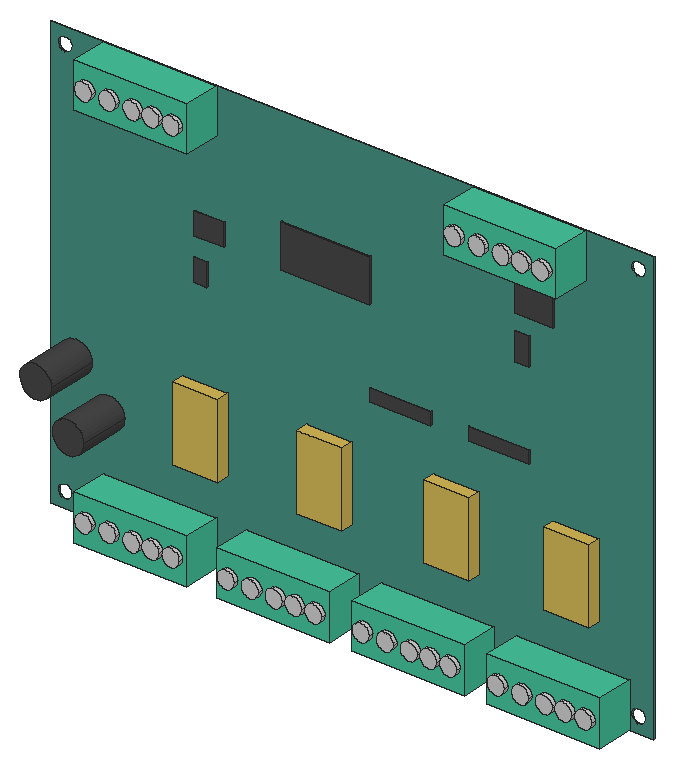
Revit family "TYCO-FPP-FireClass-FC410QRM QUAD RELAY MODULE", category Electrical Fixtures, Revit 2014
Parameters (values of type "TYCO-FPP-FireClass-FC410QRM QUAD RELAY MODULE")
  Width = 134 mm  # constant formula
  URL = "https://fireclass.co.uk/en/emea/Pages/ProductDetail.aspx?productdetail=Addressable+Modules"
  Type Comments = "The FC410QRM Quad Relay Module is designed to provide four\r\npotential free relay changeover outputs."
  Storage Temparature = "40 to +80 oC"
  ST = ST12
  RSS = res
  RS = RS
  PCB = PCB
  Operating Temperature = "-25 to +70 oC"
  Operating Humidity = "Up to 95 %"
  Model = "FireClass - 555.800.773"
  Manufacturer = "Tyco"
  Length = 96 mm  # constant formula
  Keynote = "The FC410QRM has an integral FireClass loop isolator"
  Description = "Quad Relay Module"
  Relay Contacts = "2A @ 30Vdc"
  Approvals = "EN54-17, EN54-18 and\r\nEN54-13"
Reference planes
  plane 1 "Center (Front/Back)": y = 0
  plane 2: z = 0
  plane 3 "Center (Left/Right)": x = 0
  plane 4: z = 48
  plane 5: z = -48
  plane 6: x = -67
  plane 7: x = 67
Forms (mm)
  Extrusion 1, solid, material "PCB" <- "PCB", detail levels fine
    sketch origin (0, 0, 0) x (1, 0, 0) y (0, 0, 1)
      loop
        line (-67, 48) -> (-67, -48) -> (67, -48) -> (67, 48) -> (-67, 48)
      loop
        circle (63.688, 44.524) r 1.524
      loop
        circle (63.688, -44.524) r 1.524
      loop
        circle (-63.688, 44.524) r 1.524
      loop
        circle (-63.688, -44.524) r 1.524
    from 0 to -0.202
  Extrusion 2, solid, material "ST12" <- "ST", detail levels fine
    sketch origin (0, 0, 0) x (1, 0, 0) y (0, 0, 1)
      loop
        circle (-54.105, -25.495) r 3.518
      loop
        circle (-61.311, -16.907) r 3.518
    from 0 to 11.235
  Extrusion 3, solid, material "RS" <- "RS", detail levels fine
    sketch origin (0, 0, 0) x (1, 0, 0) y (0, 0, 1)
      loop
        line (-37.627, -28.782) -> (-27.627, -28.782) -> (-27.627, -12.282) -> (-37.627, -12.282) -> (-37.627, -28.782)
      loop
        line (-10, -28.782) -> (0, -28.782) -> (0, -12.282) -> (-10, -12.282) -> (-10, -28.782)
      loop
        line (18.186, -28.782) -> (28.186, -28.782) -> (28.186, -12.282) -> (18.186, -12.282) -> (18.186, -28.782)
      loop
        line (44.729, -28.782) -> (54.729, -28.782) -> (54.729, -12.282) -> (44.729, -12.282) -> (44.729, -28.782)
    from 0 to 2.827
  Extrusion 4, solid, material "ST12" <- "ST", detail levels fine
    sketch origin (0, 0, 0) x (1, 0, 0) y (0, 0, 1)
      loop
        line (-34.99, 21.563) -> (-34.99, 16.563) -> (-28.417, 16.563) -> (-28.417, 21.563) -> (-34.99, 21.563)
      loop
        line (-15.625, 26.182) -> (-15.625, 16.563) -> (4.095, 16.563) -> (4.095, 26.182) -> (-15.625, 26.182)
      loop
        line (4.095, -2.777) -> (17.598, -2.777) -> (17.598, 0) -> (4.095, 0) -> (4.095, -2.777)
      loop
        line (25.948, -2.777) -> (39.45, -2.777) -> (39.45, 0) -> (25.948, 0) -> (25.948, -2.777)
      loop
        line (-34.99, 12.307) -> (-34.99, 7.307) -> (-32.066, 7.307) -> (-32.066, 12.307) -> (-34.99, 12.307)
      loop
        line (36.272, 33.568) -> (36.272, 26.182) -> (44.799, 26.182) -> (44.799, 33.568) -> (36.272, 33.568)
      loop
        line (36.272, 22.704) -> (36.272, 16.563) -> (39.45, 16.563) -> (39.45, 22.704) -> (36.272, 22.704)
    from 0 to 0.208
  Extrusion 5, solid, material "res" <- "RSS", detail levels fine
    sketch origin (0, 0, 0) x (1, 0, 0) y (0, 0, 1)
      loop
        line (-55.155, 48) -> (-55.155, 38) -> (-30.155, 38) -> (-30.155, 48) -> (-55.155, 48)
      loop
        line (26.905, 48) -> (26.905, 38) -> (51.905, 38) -> (51.905, 48) -> (26.905, 48)
      loop
        line (-55.155, -38) -> (-55.155, -48) -> (-30.155, -48) -> (-30.155, -38) -> (-55.155, -38)
      loop
        line (-23.452, -38) -> (-23.452, -48) -> (1.548, -48) -> (1.548, -38) -> (-23.452, -38)
      loop
        line (6.548, -38) -> (6.548, -48) -> (31.548, -48) -> (31.548, -38) -> (6.548, -38)
      loop
        line (36.548, -38) -> (36.548, -48) -> (61.548, -48) -> (61.548, -38) -> (36.548, -38)
    from 0 to 8.284
  Extrusion 6, solid, material "RSS(1)", detail levels fine
    sketch origin (0, -8.284, 0) x (1, 0, 0) y (0, 0, 1)
      loop
        circle (-52.483, -42.982) r 1.889
      loop
        circle (-47.109, -42.982) r 1.889
      loop
        circle (-41.796, -42.982) r 1.889
      loop
        circle (-37.494, -42.982) r 1.889
      loop
        circle (-33.047, -42.982) r 1.889
      loop
        circle (-20.78, -42.982) r 1.889
      loop
        circle (-15.407, -42.982) r 1.889
      loop
        circle (-10.094, -42.982) r 1.889
      loop
        circle (-5.792, -42.982) r 1.889
      loop
        circle (-1.345, -42.982) r 1.889
      loop
        circle (9.22, -42.982) r 1.889
      loop
        circle (14.593, -42.982) r 1.889
      loop
        circle (19.906, -42.982) r 1.889
      loop
        circle (24.208, -42.982) r 1.889
      loop
        circle (28.655, -42.982) r 1.889
      loop
        circle (39.22, -42.982) r 1.889
      loop
        circle (44.593, -42.982) r 1.889
      loop
        circle (49.906, -42.982) r 1.889
      loop
        circle (54.208, -42.982) r 1.889
      loop
        circle (58.655, -42.982) r 1.889
      loop
        circle (29.577, 43.018) r 1.889
      loop
        circle (34.95, 43.018) r 1.889
      loop
        circle (40.263, 43.018) r 1.889
      loop
        circle (44.566, 43.018) r 1.889
      loop
        circle (49.012, 43.018) r 1.889
      loop
        circle (-52.483, 43.018) r 1.889
      loop
        circle (-47.109, 43.018) r 1.889
      loop
        circle (-41.796, 43.018) r 1.889
      loop
        circle (-37.494, 43.018) r 1.889
      loop
        circle (-33.047, 43.018) r 1.889
    from 0 to 0.851
Lines and regions (mm)
  model lines, detail levels coarse+medium
    curve 1: line (-67, 0, 48) -> (67, 0, 48)
    curve 2: line (-67, 0, -48) -> (-67, 0, 48)
    curve 3: line (67, 0, -48) -> (-67, 0, -48)
    curve 4: line (67, 0, 48) -> (67, 0, -48)
Dimensions and locks
  equal spacing: plane 4, plane 2, plane 5
  "Length": plane 4 to plane 5
  equal spacing: plane 7, plane 3 "Center (Left/Right)", plane 6
  "Width": plane 7 to plane 6
  aligned and locked: level to plane 2
  aligned and locked: Extrusion 1 sketch curve to plane 4
  aligned and locked: plane 6 to Extrusion 1 sketch curve
  aligned and locked: Extrusion 1 sketch curve to plane 5
  aligned and locked: plane 7 to Extrusion 1 sketch curve
  aligned and locked: Extrusion 2 to plane 1 "Center (Front/Back)"
  aligned and locked: Extrusion 3 to plane 1 "Center (Front/Back)"
  aligned and locked: Extrusion 4 to plane 1 "Center (Front/Back)"
  aligned and locked: Extrusion 5 to plane 1 "Center (Front/Back)"
  aligned and locked: Extrusion 6 to Extrusion 5
  aligned and locked: curve 1 to plane 4
  aligned and locked: plane 7 to curve 4
  aligned and locked: curve 3 to plane 5
  aligned and locked: plane 6 to curve 2
Automatic sketch dimensions
  plane 6 to Extrusion 1 sketch curve = 3.312 mm  (x2)
  plane 7 to Extrusion 1 sketch curve = 3.312 mm  (x2)
  Extrusion 1 sketch curve to plane 5 = 3.476 mm  (x2)
  Extrusion 1 sketch curve to plane 4 = 3.476 mm  (x2)
  plane 6 to Extrusion 2 sketch curve = 5.689 mm
  Extrusion 2 sketch curve to Extrusion 2 sketch curve = 7.206 mm
  Extrusion 2 sketch curve to plane 5 = 22.505 mm
  Extrusion 2 sketch curve to Extrusion 2 sketch curve = 8.588 mm
  Extrusion 3 sketch curve to plane 3 "Center (Left/Right)" = 0 mm
  Extrusion 3 sketch curve to Extrusion 3 sketch curve = 10 mm  (x4)
  Extrusion 3 sketch curve to Extrusion 3 sketch curve = 17.627 mm
  plane 3 "Center (Left/Right)" to Extrusion 3 sketch curve = 18.186 mm
  Extrusion 3 sketch curve to Extrusion 3 sketch curve = 16.543 mm
  Extrusion 3 sketch curve to plane 5 = 19.218 mm  (x2)
  Extrusion 3 sketch curve to Extrusion 3 sketch curve = 0 mm  (x2)
  Extrusion 3 sketch curve to level = 12.282 mm  (x4)
  Extrusion 4 sketch curve to level = 0 mm  (x2)
  plane 6 to Extrusion 4 sketch curve = 32.01 mm
  Extrusion 4 sketch curve to Extrusion 4 sketch curve = 0 mm  (x3)
  Extrusion 4 sketch curve to Extrusion 4 sketch curve = 2.925 mm
  Extrusion 4 sketch curve to Extrusion 4 sketch curve = 6.574 mm
  Extrusion 4 sketch curve to Extrusion 4 sketch curve = 12.792 mm
  plane 3 "Center (Left/Right)" to Extrusion 4 sketch curve = 4.095 mm  (x2)
  Extrusion 4 sketch curve to Extrusion 4 sketch curve = 13.502 mm  (x2)
  Extrusion 4 sketch curve to level = 2.777 mm  (x2)
  Extrusion 4 sketch curve to Extrusion 4 sketch curve = 8.35 mm
  Extrusion 4 sketch curve to Extrusion 4 sketch curve = 10.324 mm
  Extrusion 4 sketch curve to Extrusion 4 sketch curve = 3.179 mm
  Extrusion 4 sketch curve to Extrusion 4 sketch curve = 5.349 mm
  level to Extrusion 4 sketch curve = 7.307 mm
  Extrusion 4 sketch curve to Extrusion 4 sketch curve = 5 mm  (x2)
  Extrusion 4 sketch curve to Extrusion 4 sketch curve = 4.256 mm
  Extrusion 4 sketch curve to Extrusion 4 sketch curve = 16.563 mm
  Extrusion 4 sketch curve to Extrusion 4 sketch curve = 6.141 mm
  Extrusion 4 sketch curve to Extrusion 4 sketch curve = 3.478 mm
  Extrusion 4 sketch curve to Extrusion 4 sketch curve = 9.619 mm
  Extrusion 4 sketch curve to Extrusion 4 sketch curve = 7.386 mm
  Extrusion 5 sketch curve to plane 4 = 0 mm  (x2)
  Extrusion 5 sketch curve to plane 5 = 0 mm  (x4)
  plane 6 to Extrusion 5 sketch curve = 11.845 mm  (x2)
  Extrusion 5 sketch curve to Extrusion 5 sketch curve = 25 mm  (x3)
  Extrusion 5 sketch curve to plane 5 = 10 mm  (x2)
  Extrusion 5 sketch curve to Extrusion 5 sketch curve = 6.702 mm
  plane 3 "Center (Left/Right)" to Extrusion 5 sketch curve = 1.548 mm
  Extrusion 5 sketch curve to Extrusion 5 sketch curve = 5 mm  (x2)
  plane 3 "Center (Left/Right)" to Extrusion 5 sketch curve = 26.905 mm
  plane 7 to Extrusion 5 sketch curve = 15.095 mm
  plane 7 to Extrusion 5 sketch curve = 5.452 mm
  Extrusion 5 sketch curve to Extrusion 5 sketch curve = 0 mm  (x2)
  Extrusion 5 sketch curve to plane 4 = 10 mm  (x2)
  Extrusion 6 sketch curve to Extrusion 5 = 2.672 mm  (x5)
  Extrusion 6 sketch curve to Extrusion 6 sketch curve = 5.373 mm  (x5)
  Extrusion 6 sketch curve to Extrusion 6 sketch curve = 5.313 mm  (x4)
  Extrusion 6 sketch curve to Extrusion 6 sketch curve = 4.302 mm  (x4)
  Extrusion 6 sketch curve to Extrusion 5 = 2.892 mm  (x5)
  Extrusion 5 to Extrusion 6 sketch curve = 2.697 mm
  Extrusion 6 sketch curve to Extrusion 5 = 1.75 mm
  Extrusion 6 sketch curve to Extrusion 5 = 1.971 mm
  Extrusion 5 to Extrusion 6 sketch curve = 1.597 mm
  Extrusion 6 sketch curve to Extrusion 5 = 3.716 mm
  Extrusion 6 sketch curve to Extrusion 5 = 1.999 mm
  Extrusion 5 to Extrusion 6 sketch curve = 2.303 mm
  Extrusion 6 sketch curve to Extrusion 5 = 4.982 mm  (x18)
  Extrusion 6 sketch curve to Extrusion 6 sketch curve = 0 mm  (x12)
  radius of Extrusion 1 sketch curve = 1.524 mm  (x4)
  radius of Extrusion 2 sketch curve = 3.518 mm  (x2)
  radius of Extrusion 6 sketch curve = 1.889 mm  (x30)
Connectors
  electrical at (0, 0.202, 0)
    settings: on Extrusion 1, index 1, voltage 24 V, apparent load 0 VA, apparent load phase1 0 VA, apparent load phase2 0 VA, apparent load phase3 0 VA, power factor 1, load classification "Other", number of poles 1, system type 31, power factor state 1, is connector primary yes, connector utility no, sub classification motor no, connector description ""
